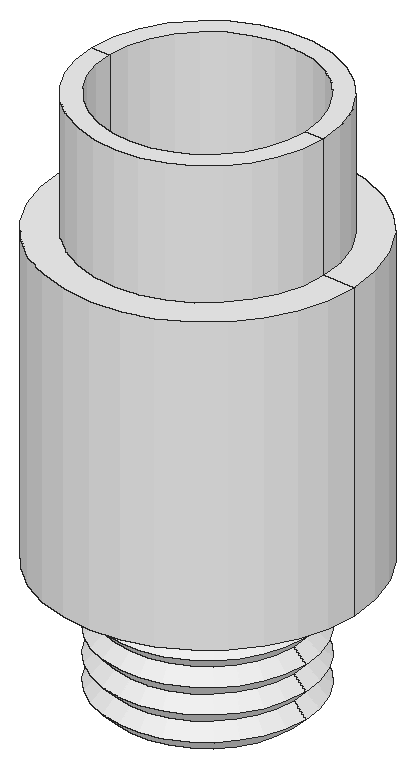
Revit family "Vacuum_Breaker-GROHE-07911000", category Pipe Accessories, Revit 2014
Parameters (values of type "07911000")
  Width = 3/4"
  Warranty Information = "Limited Lifetime Warranty"
  URL = "http://www.grohe.com/"
  Type Comments = ""
  Shipping Weight = 0.13 lbf
  Product Page URL = "http://www.grohe.com/ca-en/5750/search/search-result/product-details/?product=07911-X999&color=000&material=07911000"
  Price = "Prices may vary. Please consult Manufacturer Representative for most up-to-date price list."  # constant formula
  Model = "07911000"
  Material = "Brass-Grohe-000-Chrome"
  Manufacturer = "GROHE"
  Height = 1 3/8"
  Description = "1/2\" Inline Vacuum Breaker"
  Creation Date = "11/4/2016"
  Connection Diameter = 1/2"
  Assembly Code = "F1050"
Reference planes (in)
  plane 1 "Center (Front/Back)": y = 0
  plane 2: z = 0
  plane 3 "Center (Left/Right)": x = 0
  plane 4: z = 1.0625
  plane 5: z = 1.375
  plane 6: z = 0.3125
  plane 7: x = -0.25
  plane 8: x = -0.25
  plane 9: x = 0.25
  plane 10: x = -0.375
  plane 11: x = 0.375
  plane 12: x = 0.375
  plane 13: y = 0.375
  plane 14: y = -0.375
Forms (in)
  Revolve 1, solid, material "Brass-Grohe-000-Starlight Chrome"
    sketch origin (0, 0, 1.375) x (-1, 0, 0) y (0, 0, -1)
      loop
        line (-0.34375, 1.0625) -> (-0.375, 1.0625) -> (-0.375, 0.3125) -> (-0.29624, 0.3125) -> (-0.29624, 0) -> (-0.25, 0) -> (-0.25, 0.3125) -> (-0.1875, 0.3125) -> (-0.1875, 1.375) -> (-0.21887, 1.375) -> (-0.25, 1.34387) -> (-0.21887, 1.31275) -> (-0.25, 1.28162) -> (-0.21887, 1.2505) -> (-0.25, 1.21937) -> (-0.21887, 1.18824) -> (-0.25, 1.15712) -> (-0.21875, 1.12587) -> (-0.21875, 0.9375) -> (-0.34375, 0.9375) -> (-0.34375, 1.0625)
      axis (0, 1.375) -> (0, 0)
    angle from 0 to 360
Lines and regions (in)
  Masking region 1, detail levels fine
    outline origin (0, 0, 0) x (1, 0, 0) y (0, 1, 0)
      loop
        circle (0, 0) r 0.375
  symbolic lines, detail levels fine
    curve 1: circle (0, 0, 0) r 0.1875 normal (0, 0, -1)
    curve 2: circle (0, 0, 0) r 0.25 normal (0, 0, 1)
    curve 3: circle (0, 0, 0) r 0.34375 normal (0, 0, -1)
  model lines, detail levels coarse+medium
    curve 4: line (-0.375, 0.375, 0) -> (0.375, 0.375, 0)
    curve 5: line (-0.375, -0.375, 0) -> (-0.375, 0.375, 0)
    curve 6: line (0.375, -0.375, 0) -> (-0.375, -0.375, 0)
    curve 7: line (0.375, 0.375, 0) -> (0.375, -0.375, 0)
    curve 8: line (-0.375, 0.375, 0) -> (0.375, -0.375, 0)
    curve 9: line (0.375, 0.375, 0) -> (-0.375, -0.375, 0)
Dimensions and locks (in)
  "Height": plane 5 to level
  plane 5 to plane 6 = 1 1/16"
  "Width": plane 12 to plane 10
  plane 9 to plane 8 = 1/2"
Automatic sketch dimensions
  Revolve 1 sketch curve to plane 6 = 0"
  Revolve 1 sketch curve to plane 4 = 0"  (x2)
  Revolve 1 sketch curve to plane 5 = 0"
  Revolve 1 sketch curve to plane 9 = 0"  (x5)
  Revolve 1 sketch curve to level = 0"
  Revolve 1 sketch curve to plane 3 "Center (Left/Right)" = 0"
  Revolve 1 sketch curve to Revolve 1 sketch curve = 0.04624"
  Revolve 1 sketch curve to plane 11 = 1/32"
  plane 11 to Revolve 1 sketch curve = 0"
  Revolve 1 sketch curve to plane 9 = 0.03113"  (x4)
  Revolve 1 sketch curve to plane 9 = 1/32"
  Revolve 1 sketch curve to Revolve 1 sketch curve = 0.03137"
  Revolve 1 sketch curve to Revolve 1 sketch curve = 1/8"
  Revolve 1 sketch curve to Revolve 1 sketch curve = 0.06238"
  plane 5 to Revolve 1 sketch curve = 11/128"
  Revolve 1 sketch curve to Revolve 1 sketch curve = 0.13434"
  plane 1 "Center (Front/Back)" to Masking region 1 sketch curve = 0"
  Masking region 1 sketch curve to plane 3 "Center (Left/Right)" = 0"
  curve 1 to curve 2 = 0"  (x2)
  curve 1 to curve 3 = 0"  (x2)
  curve 2 to curve 3 = 0"  (x2)
  plane 1 "Center (Front/Back)" to curve 1 = 0"
  curve 1 to plane 3 "Center (Left/Right)" = 0"
  plane 10 to curve 6 = 0"
  plane 11 to curve 7 = 0"
  plane 1 "Center (Front/Back)" to curve 5 = 3/8"
  curve 4 to plane 1 "Center (Front/Back)" = 3/8"
  radius of Masking region 1 sketch curve = 3/8"
  radius of curve 1 = 3/16"
  radius of curve 2 = 1/4"
  radius of curve 3 = 11/32"
Connectors (in)
  piping at (0, 0, 0), diameter 0.5, driven by "Connection Diameter"
    settings: on Revolve 1, index 2, connector inside diameter 24", connector length 0", flow factor 0, pipe flow 0 GPM, pressure drop 0.00 psi, fitting loss kfactor 0, connector angle 0.00°, fixture units 0, engagement length 0", angle of deflection 0.00°, flow configuration 0, flow direction 2, fitting loss method 0, system type 29, joint type 0, gender type 0, connector reference index -1, connector utility 0, adjustable connector no, is connector primary yes, connector description "1/2\" Male Outlet Connection"
  piping at (0, 0, 1.375), diameter 0.5, driven by "Connection Diameter"
    settings: on Revolve 1, index 3, connector inside diameter 24", connector length 0", flow factor 0, pipe flow 0 GPM, pressure drop 0.00 psi, fitting loss kfactor 0, connector angle 0.00°, fixture units 0, engagement length 0", angle of deflection 0.00°, flow configuration 0, flow direction 1, fitting loss method 0, system type 29, joint type 0, gender type 0, connector reference index -1, connector utility 0, adjustable connector no, is connector primary no, connector description "1/2\" Female Inlet Connection"
